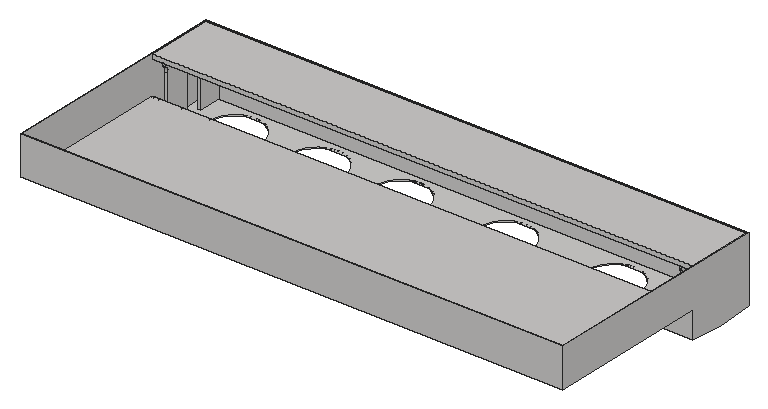
Revit family "PF_ST_RainTrak-E_ACO_2022", category Plumbing Fixtures, Revit 2022 (continued)
Dimensions and locks
  aligned and locked: Extrusion 19 to cut or joined group 1 (Extrusion 1, Extrusion 2, Extrusion 3, Extrusion 4, Extrusion 5, Extrusion 6, Extrusion 7, Extrusion 8, Extrusion 9, Extrusion 10, Extrusion 11, Extrusion 12, Extrusion 13, Extrusion 14, Extrusion 15, Extrusion 16, Extrusion 17, Extrusion 18, Extrusion 19, Extrusion 20, Extrusion 21, Extrusion 22, Extrusion 23, Extrusion 24, Extrusion 25, Extrusion 26, Extrusion 27, Extrusion 28, Extrusion 29, Extrusion 30, Extrusion 31, Extrusion 32, Extrusion 33)
  aligned and locked: Extrusion 20 to cut or joined group 1
  aligned and locked: Extrusion 21 to cut or joined group 1
  aligned and locked: Extrusion 22 to cut or joined group 1
  aligned and locked: Extrusion 24 to cut or joined group 1
  aligned and locked: Extrusion 25 to cut or joined group 1
  aligned and locked: Extrusion 26 to cut or joined group 1
  aligned and locked: Extrusion 27 to cut or joined group 1
  aligned and locked: Extrusion 28 to cut or joined group 1
  aligned and locked: Extrusion 29 to cut or joined group 1
  aligned and locked: Extrusion 30 to cut or joined group 1
  aligned and locked: Extrusion 31 to cut or joined group 1
  aligned and locked: Extrusion 32 to cut or joined group 1
  aligned and locked: Extrusion 33 to cut or joined group 1
  aligned and locked: Extrusion 23 to cut or joined group 1
  aligned and locked: Extrusion 10 to plane 6 "connector_plane"
  aligned and locked: Extrusion 5 to plane 6 "connector_plane"
  aligned and locked: Extrusion 11 to plane 6 "connector_plane"
  aligned and locked: Extrusion 12 to plane 6 "connector_plane"
  aligned and locked: Extrusion 13 to plane 6 "connector_plane"
  aligned and locked: Extrusion 14 to plane 6 "connector_plane"
  aligned and locked: Extrusion 15 to plane 6 "connector_plane"
  aligned and locked: Extrusion 6 to plane 6 "connector_plane"
  aligned and locked: Extrusion 16 to plane 6 "connector_plane"
  aligned and locked: Extrusion 17 to plane 6 "connector_plane"
  aligned and locked: Extrusion 18 to plane 6 "connector_plane"
  aligned and locked: Extrusion 19 to plane 6 "connector_plane"
  aligned and locked: Extrusion 20 to plane 6 "connector_plane"
  aligned and locked: Extrusion 21 to plane 6 "connector_plane"
  aligned and locked: Extrusion 22 to plane 6 "connector_plane"
  aligned and locked: Extrusion 23 to plane 6 "connector_plane"
  aligned and locked: Extrusion 24 to plane 6 "connector_plane"
  aligned and locked: Extrusion 25 to plane 6 "connector_plane"
  aligned and locked: Extrusion 26 to plane 6 "connector_plane"
  aligned and locked: Extrusion 27 to plane 6 "connector_plane"
  aligned and locked: Extrusion 28 to plane 6 "connector_plane"
  aligned and locked: Extrusion 29 to plane 6 "connector_plane"
  aligned and locked: Extrusion 30 to plane 6 "connector_plane"
  aligned and locked: Extrusion 31 to plane 6 "connector_plane"
  aligned and locked: Extrusion 32 to plane 6 "connector_plane"
  aligned and locked: Extrusion 33 to plane 6 "connector_plane"
  aligned and locked: Extrusion 7 to plane 6 "connector_plane"
  aligned and locked: Extrusion 9 to plane 6 "connector_plane"
  aligned and locked: Extrusion 34 to Extrusion 1
  aligned and locked: Extrusion 34 to Extrusion 2  (x2)
  aligned and locked: Extrusion 2 to Extrusion 34
  aligned and locked: Extrusion 34 to cut or joined group 1
  aligned and locked: Extrusion 34 sketch curve to cut or joined group 1
  aligned and locked: Extrusion 34 to plane 3 "Center (Left/Right)"
Automatic sketch dimensions
  Extrusion 3 sketch curve to plane 5 = 0 mm
  Extrusion 3 sketch curve to plane 1 "Center (Front/Back)" = 0 mm
  Extrusion 3 sketch curve to plane 4 = 0 mm
  Extrusion 3 sketch curve to plane 5 = 300 mm
  Extrusion 3 sketch curve to level = 70 mm
  plane 6 "connector_plane" to Extrusion 3 sketch curve = 5.3 mm
  plane 6 "connector_plane" to Extrusion 3 sketch curve = 5.145 mm
  plane 6 "connector_plane" to Extrusion 3 sketch curve = 1.207 mm
  Extrusion 4 sketch curve to plane 5 = 0 mm
  Extrusion 4 sketch curve to plane 1 "Center (Front/Back)" = 0 mm
  Extrusion 4 sketch curve to plane 4 = 0 mm
  Extrusion 4 sketch curve to plane 5 = 300 mm
  plane 6 "connector_plane" to Extrusion 4 sketch curve = 5.3 mm
  plane 6 "connector_plane" to Extrusion 4 sketch curve = 5.145 mm
  plane 6 "connector_plane" to Extrusion 4 sketch curve = 1.207 mm
  Extrusion 34 sketch curve to plane 3 "Center (Left/Right)" = 0 mm
  plane 7 to Extrusion 34 sketch curve = 0 mm
  Extrusion 34 sketch curve to plane 4 = 2 mm
  Extrusion 1 sketch curve to plane 1 "Center (Front/Back)" = 0.121 mm
  Extrusion 2 sketch curve to plane 1 "Center (Front/Back)" = 0 mm  (x2)
  Extrusion 2 sketch curve to Extrusion 2 sketch curve = 2 mm
  Extrusion 2 sketch curve to plane 4 = 2 mm
  Extrusion 2 sketch curve to Extrusion 2 sketch curve = 1.207 mm
  plane 6 "connector_plane" to Extrusion 2 sketch curve = 4.148 mm
  Extrusion 2 sketch curve to plane 9 = 1.5 mm
  curve 1 to plane 6 "connector_plane" = 0 mm
  curve 30 to plane 6 "connector_plane" = 0 mm
  curve 2 to plane 6 "connector_plane" = 0 mm
  curve 29 to plane 6 "connector_plane" = 0 mm
  curve 3 to plane 6 "connector_plane" = 0 mm
  curve 28 to plane 6 "connector_plane" = 0 mm
  curve 4 to plane 6 "connector_plane" = 0 mm
  curve 27 to plane 6 "connector_plane" = 0 mm
  curve 5 to plane 6 "connector_plane" = 0 mm
  curve 26 to plane 6 "connector_plane" = 0 mm
  curve 6 to plane 6 "connector_plane" = 0 mm
  curve 25 to plane 6 "connector_plane" = 0 mm
  curve 7 to plane 6 "connector_plane" = 0 mm
  curve 24 to plane 6 "connector_plane" = 0 mm
  curve 8 to plane 6 "connector_plane" = 0 mm
  curve 23 to plane 6 "connector_plane" = 0 mm
  curve 9 to plane 6 "connector_plane" = 0 mm
  curve 22 to plane 6 "connector_plane" = 0 mm
  curve 10 to plane 6 "connector_plane" = 0 mm
  curve 21 to plane 6 "connector_plane" = 0 mm
  curve 11 to plane 6 "connector_plane" = 0 mm
  curve 20 to plane 6 "connector_plane" = 0 mm
  curve 12 to plane 6 "connector_plane" = 0 mm
  curve 19 to plane 6 "connector_plane" = 0 mm
  curve 13 to plane 6 "connector_plane" = 0 mm
  curve 18 to plane 6 "connector_plane" = 0 mm
  curve 14 to plane 6 "connector_plane" = 0 mm
  curve 17 to plane 6 "connector_plane" = 0 mm
  curve 15 to plane 6 "connector_plane" = 0 mm
  curve 16 to plane 6 "connector_plane" = 0 mm
  plane 6 "connector_plane" to curve 15 = 15 mm
  curve 16 to curve 15 = 0 mm
  curve 14 to curve 15 = 0 mm
  curve 17 to curve 14 = 0 mm
  curve 13 to curve 14 = 0 mm
  curve 18 to curve 13 = 0 mm
  curve 12 to curve 13 = 0 mm
  curve 19 to curve 12 = 0 mm
  curve 11 to curve 12 = 0 mm
  curve 20 to curve 11 = 0 mm
  curve 10 to curve 11 = 0 mm
  curve 21 to curve 10 = 0 mm
  curve 9 to curve 10 = 0 mm
  curve 22 to curve 9 = 0 mm
  curve 8 to curve 9 = 0 mm
  curve 23 to curve 8 = 0 mm
  curve 7 to curve 8 = 0 mm
  curve 24 to curve 7 = 0 mm
  curve 6 to curve 7 = 0 mm
  curve 25 to curve 6 = 0 mm
  plane 6 "connector_plane" to curve 5 = 15 mm
  curve 26 to curve 6 = 0 mm
  plane 6 "connector_plane" to curve 4 = 15 mm
  curve 27 to curve 6 = 0 mm
  plane 6 "connector_plane" to curve 3 = 15 mm
  curve 28 to curve 6 = 0 mm
  plane 6 "connector_plane" to curve 2 = 15 mm
  curve 29 to curve 6 = 0 mm
  plane 6 "connector_plane" to curve 1 = 15 mm
  curve 30 to curve 6 = 0 mm
  plane 1 "Center (Front/Back)" to Extrusion 5 sketch curve = 0 mm
  plane 1 "Center (Front/Back)" to Extrusion 6 sketch curve = 0 mm
  plane 1 "Center (Front/Back)" to Extrusion 7 sketch curve = 0 mm
  plane 1 "Center (Front/Back)" to Extrusion 8 sketch curve = 0 mm
  plane 1 "Center (Front/Back)" to Extrusion 9 sketch curve = 0 mm
  plane 1 "Center (Front/Back)" to Extrusion 10 sketch curve = 0 mm
  plane 1 "Center (Front/Back)" to Extrusion 11 sketch curve = 0 mm
  plane 1 "Center (Front/Back)" to Extrusion 12 sketch curve = 0 mm
  plane 1 "Center (Front/Back)" to Extrusion 13 sketch curve = 0 mm
  plane 1 "Center (Front/Back)" to Extrusion 14 sketch curve = 0 mm
  plane 1 "Center (Front/Back)" to Extrusion 15 sketch curve = 0 mm
  plane 1 "Center (Front/Back)" to Extrusion 16 sketch curve = 0 mm
  plane 1 "Center (Front/Back)" to Extrusion 17 sketch curve = 0 mm
  plane 1 "Center (Front/Back)" to Extrusion 18 sketch curve = 0 mm
  plane 1 "Center (Front/Back)" to Extrusion 19 sketch curve = 0 mm
  plane 1 "Center (Front/Back)" to Extrusion 20 sketch curve = 0 mm
  plane 1 "Center (Front/Back)" to Extrusion 21 sketch curve = 0 mm
  plane 1 "Center (Front/Back)" to Extrusion 22 sketch curve = 0 mm
  plane 1 "Center (Front/Back)" to Extrusion 23 sketch curve = 0 mm
  plane 1 "Center (Front/Back)" to Extrusion 24 sketch curve = 0 mm
  plane 1 "Center (Front/Back)" to Extrusion 25 sketch curve = 0 mm
  plane 1 "Center (Front/Back)" to Extrusion 26 sketch curve = 0 mm
  plane 1 "Center (Front/Back)" to Extrusion 27 sketch curve = 0 mm
  plane 1 "Center (Front/Back)" to Extrusion 28 sketch curve = 0 mm
  plane 1 "Center (Front/Back)" to Extrusion 29 sketch curve = 0 mm
  plane 1 "Center (Front/Back)" to Extrusion 30 sketch curve = 0 mm
  plane 1 "Center (Front/Back)" to Extrusion 31 sketch curve = 0 mm
  plane 1 "Center (Front/Back)" to Extrusion 32 sketch curve = 0 mm
  plane 1 "Center (Front/Back)" to Extrusion 33 sketch curve = 0 mm
Nested families
  nested 1: "gratings_RainTrak E" at (1.5, 0, 0), depth_C_ANZRS <- "depth_01_C_ANZRS", length_C_ANZRS <- "grating_length", width_C_ANZRS <- "width_C_ANZRS", grating_index <- "grating_index", type_index <- "type_index", type <- "gratings", type "Affiner_grating"
    with width_C_ANZRS 123 mm, type_index 3, solids_visible_1 yes, length_C_ANZRS 997 mm, grating_index 2, depth_C_ANZRS 125.3 mm
Connectors
  piping at (101.6, 0, -125.3), diameter 101.6, driven by "diameter_calculated"
    settings: on curve 1, index 1, connector inside diameter 609.6 mm, connector length 0 mm, flow factor 0, pipe flow 0.0 L/s, pressure drop 0.0 Pa, fitting loss kfactor 0, connector angle 0.00°, fixture units 0, engagement length 0 mm, angle of deflection 0.00°, flow configuration 0, flow direction 2, fitting loss method 0, system type 16, joint type 0, gender type 0, connector reference index -1, connector utility 0, adjustable connector no, is connector primary yes, connector description ""
  piping at (254, 0, -125.3), diameter 101.6, driven by "diameter_calculated"
    settings: on curve 3, index 2, connector inside diameter 609.6 mm, connector length 0 mm, flow factor 0, pipe flow 0.0 L/s, pressure drop 0.0 Pa, fitting loss kfactor 0, connector angle 0.00°, fixture units 0, engagement length 0 mm, angle of deflection 0.00°, flow configuration 0, flow direction 2, fitting loss method 0, system type 16, joint type 0, gender type 0, connector reference index -1, connector utility 0, adjustable connector no, is connector primary no, connector description ""
  piping at (406.4, 0, -125.3), diameter 101.6, driven by "diameter_calculated"
    settings: on curve 2, index 3, connector inside diameter 609.6 mm, connector length 0 mm, flow factor 0, pipe flow 0.0 L/s, pressure drop 0.0 Pa, fitting loss kfactor 0, connector angle 0.00°, fixture units 0, engagement length 0 mm, angle of deflection 0.00°, flow configuration 0, flow direction 2, fitting loss method 0, system type 16, joint type 0, gender type 0, connector reference index -1, connector utility 0, adjustable connector no, is connector primary no, connector description ""
  piping at (600, 0, -125.3), diameter 101.6, driven by "diameter_calculated"
    settings: on curve 4, index 4, connector inside diameter 609.6 mm, connector length 0 mm, flow factor 0, pipe flow 0.0 L/s, pressure drop 0.0 Pa, fitting loss kfactor 0, connector angle 0.00°, fixture units 0, engagement length 0 mm, angle of deflection 0.00°, flow configuration 0, flow direction 2, fitting loss method 0, system type 16, joint type 0, gender type 0, connector reference index -1, connector utility 0, adjustable connector no, is connector primary no, connector description ""
  piping at (800, 0, -125.3), diameter 101.6, driven by "diameter_calculated"
    settings: on curve 5, index 5, connector inside diameter 609.6 mm, connector length 0 mm, flow factor 0, pipe flow 0.0 L/s, pressure drop 0.0 Pa, fitting loss kfactor 0, connector angle 0.00°, fixture units 0, engagement length 0 mm, angle of deflection 0.00°, flow configuration 0, flow direction 2, fitting loss method 0, system type 16, joint type 0, gender type 0, connector reference index -1, connector utility 0, adjustable connector no, is connector primary no, connector description ""
  piping at (1100, 0, -125.3), diameter 101.6, driven by "diameter_calculated"
    settings: on curve 12, index 6, connector inside diameter 609.6 mm, connector length 0 mm, flow factor 0, pipe flow 0.0 L/s, pressure drop 0.0 Pa, fitting loss kfactor 0, connector angle 0.00°, fixture units 0, engagement length 0 mm, angle of deflection 0.00°, flow configuration 0, flow direction 2, fitting loss method 0, system type 16, joint type 0, gender type 0, connector reference index -1, connector utility 0, adjustable connector no, is connector primary no, connector description ""
  piping at (1100, 0, -125.3), diameter 101.6, driven by "diameter_calculated"
    settings: on curve 14, index 7, connector inside diameter 609.6 mm, connector length 0 mm, flow factor 0, pipe flow 0.0 L/s, pressure drop 0.0 Pa, fitting loss kfactor 0, connector angle 0.00°, fixture units 0, engagement length 0 mm, angle of deflection 0.00°, flow configuration 0, flow direction 2, fitting loss method 0, system type 16, joint type 0, gender type 0, connector reference index -1, connector utility 0, adjustable connector no, is connector primary no, connector description ""
  piping at (1100, 0, -125.3), diameter 101.6, driven by "diameter_calculated"
    settings: on curve 6, index 8, connector inside diameter 609.6 mm, connector length 0 mm, flow factor 0, pipe flow 0.0 L/s, pressure drop 0.0 Pa, fitting loss kfactor 0, connector angle 0.00°, fixture units 0, engagement length 0 mm, angle of deflection 0.00°, flow configuration 0, flow direction 2, fitting loss method 0, system type 16, joint type 0, gender type 0, connector reference index -1, connector utility 0, adjustable connector no, is connector primary no, connector description ""
  piping at (1100, 0, -125.3), diameter 101.6, driven by "diameter_calculated"
    settings: on curve 7, index 9, connector inside diameter 609.6 mm, connector length 0 mm, flow factor 0, pipe flow 0.0 L/s, pressure drop 0.0 Pa, fitting loss kfactor 0, connector angle 0.00°, fixture units 0, engagement length 0 mm, angle of deflection 0.00°, flow configuration 0, flow direction 2, fitting loss method 0, system type 16, joint type 0, gender type 0, connector reference index -1, connector utility 0, adjustable connector no, is connector primary no, connector description ""
  piping at (1100, 0, -125.3), diameter 101.6, driven by "diameter_calculated"
    settings: on curve 16, index 10, connector inside diameter 609.6 mm, connector length 0 mm, flow factor 0, pipe flow 0.0 L/s, pressure drop 0.0 Pa, fitting loss kfactor 0, connector angle 0.00°, fixture units 0, engagement length 0 mm, angle of deflection 0.00°, flow configuration 0, flow direction 2, fitting loss method 0, system type 16, joint type 0, gender type 0, connector reference index -1, connector utility 0, adjustable connector no, is connector primary no, connector description ""
  piping at (1100, 0, -125.3), diameter 101.6, driven by "diameter_calculated"
    settings: on curve 17, index 11, connector inside diameter 609.6 mm, connector length 0 mm, flow factor 0, pipe flow 0.0 L/s, pressure drop 0.0 Pa, fitting loss kfactor 0, connector angle 0.00°, fixture units 0, engagement length 0 mm, angle of deflection 0.00°, flow configuration 0, flow direction 2, fitting loss method 0, system type 16, joint type 0, gender type 0, connector reference index -1, connector utility 0, adjustable connector no, is connector primary no, connector description ""
  piping at (1100, 0, -125.3), diameter 101.6, driven by "diameter_calculated"
    settings: on curve 8, index 12, connector inside diameter 609.6 mm, connector length 0 mm, flow factor 0, pipe flow 0.0 L/s, pressure drop 0.0 Pa, fitting loss kfactor 0, connector angle 0.00°, fixture units 0, engagement length 0 mm, angle of deflection 0.00°, flow configuration 0, flow direction 2, fitting loss method 0, system type 16, joint type 0, gender type 0, connector reference index -1, connector utility 0, adjustable connector no, is connector primary no, connector description ""
  piping at (1100, 0, -125.3), diameter 101.6, driven by "diameter_calculated"
    settings: on curve 9, index 13, connector inside diameter 609.6 mm, connector length 0 mm, flow factor 0, pipe flow 0.0 L/s, pressure drop 0.0 Pa, fitting loss kfactor 0, connector angle 0.00°, fixture units 0, engagement length 0 mm, angle of deflection 0.00°, flow configuration 0, flow direction 2, fitting loss method 0, system type 16, joint type 0, gender type 0, connector reference index -1, connector utility 0, adjustable connector no, is connector primary no, connector description ""
  piping at (1100, 0, -125.3), diameter 101.6, driven by "diameter_calculated"
    settings: on curve 20, index 14, connector inside diameter 609.6 mm, connector length 0 mm, flow factor 0, pipe flow 0.0 L/s, pressure drop 0.0 Pa, fitting loss kfactor 0, connector angle 0.00°, fixture units 0, engagement length 0 mm, angle of deflection 0.00°, flow configuration 0, flow direction 2, fitting loss method 0, system type 16, joint type 0, gender type 0, connector reference index -1, connector utility 0, adjustable connector no, is connector primary no, connector description ""
  piping at (1100, 0, -125.3), diameter 101.6, driven by "diameter_calculated"
    settings: on curve 18, index 15, connector inside diameter 609.6 mm, connector length 0 mm, flow factor 0, pipe flow 0.0 L/s, pressure drop 0.0 Pa, fitting loss kfactor 0, connector angle 0.00°, fixture units 0, engagement length 0 mm, angle of deflection 0.00°, flow configuration 0, flow direction 2, fitting loss method 0, system type 16, joint type 0, gender type 0, connector reference index -1, connector utility 0, adjustable connector no, is connector primary no, connector description ""
  piping at (1100, 0, -125.3), diameter 101.6, driven by "diameter_calculated"
    settings: on curve 19, index 16, connector inside diameter 609.6 mm, connector length 0 mm, flow factor 0, pipe flow 0.0 L/s, pressure drop 0.0 Pa, fitting loss kfactor 0, connector angle 0.00°, fixture units 0, engagement length 0 mm, angle of deflection 0.00°, flow configuration 0, flow direction 2, fitting loss method 0, system type 16, joint type 0, gender type 0, connector reference index -1, connector utility 0, adjustable connector no, is connector primary no, connector description ""
  piping at (1100, 0, -125.3), diameter 101.6, driven by "diameter_calculated"
    settings: on curve 10, index 17, connector inside diameter 609.6 mm, connector length 0 mm, flow factor 0, pipe flow 0.0 L/s, pressure drop 0.0 Pa, fitting loss kfactor 0, connector angle 0.00°, fixture units 0, engagement length 0 mm, angle of deflection 0.00°, flow configuration 0, flow direction 2, fitting loss method 0, system type 16, joint type 0, gender type 0, connector reference index -1, connector utility 0, adjustable connector no, is connector primary no, connector description ""
  piping at (1100, 0, -125.3), diameter 101.6, driven by "diameter_calculated"
    settings: on curve 11, index 18, connector inside diameter 609.6 mm, connector length 0 mm, flow factor 0, pipe flow 0.0 L/s, pressure drop 0.0 Pa, fitting loss kfactor 0, connector angle 0.00°, fixture units 0, engagement length 0 mm, angle of deflection 0.00°, flow configuration 0, flow direction 2, fitting loss method 0, system type 16, joint type 0, gender type 0, connector reference index -1, connector utility 0, adjustable connector no, is connector primary no, connector description ""
  piping at (1100, 0, -125.3), diameter 101.6, driven by "diameter_calculated"
    settings: on curve 15, index 19, connector inside diameter 609.6 mm, connector length 0 mm, flow factor 0, pipe flow 0.0 L/s, pressure drop 0.0 Pa, fitting loss kfactor 0, connector angle 0.00°, fixture units 0, engagement length 0 mm, angle of deflection 0.00°, flow configuration 0, flow direction 2, fitting loss method 0, system type 16, joint type 0, gender type 0, connector reference index -1, connector utility 0, adjustable connector no, is connector primary no, connector description ""
  piping at (1100, 0, -125.3), diameter 101.6, driven by "diameter_calculated"
    settings: on curve 21, index 20, connector inside diameter 609.6 mm, connector length 0 mm, flow factor 0, pipe flow 0.0 L/s, pressure drop 0.0 Pa, fitting loss kfactor 0, connector angle 0.00°, fixture units 0, engagement length 0 mm, angle of deflection 0.00°, flow configuration 0, flow direction 2, fitting loss method 0, system type 16, joint type 0, gender type 0, connector reference index -1, connector utility 0, adjustable connector no, is connector primary no, connector description ""
  piping at (1100, 0, -125.3), diameter 101.6, driven by "diameter_calculated"
    settings: on curve 13, index 21, connector inside diameter 609.6 mm, connector length 0 mm, flow factor 0, pipe flow 0.0 L/s, pressure drop 0.0 Pa, fitting loss kfactor 0, connector angle 0.00°, fixture units 0, engagement length 0 mm, angle of deflection 0.00°, flow configuration 0, flow direction 2, fitting loss method 0, system type 16, joint type 0, gender type 0, connector reference index -1, connector utility 0, adjustable connector no, is connector primary no, connector description ""
  piping at (1100, 0, -125.3), diameter 101.6, driven by "diameter_calculated"
    settings: on curve 22, index 22, connector inside diameter 609.6 mm, connector length 0 mm, flow factor 0, pipe flow 0.0 L/s, pressure drop 0.0 Pa, fitting loss kfactor 0, connector angle 0.00°, fixture units 0, engagement length 0 mm, angle of deflection 0.00°, flow configuration 0, flow direction 2, fitting loss method 0, system type 16, joint type 0, gender type 0, connector reference index -1, connector utility 0, adjustable connector no, is connector primary no, connector description ""
  piping at (1100, 0, -125.3), diameter 101.6, driven by "diameter_calculated"
    settings: on curve 23, index 23, connector inside diameter 609.6 mm, connector length 0 mm, flow factor 0, pipe flow 0.0 L/s, pressure drop 0.0 Pa, fitting loss kfactor 0, connector angle 0.00°, fixture units 0, engagement length 0 mm, angle of deflection 0.00°, flow configuration 0, flow direction 2, fitting loss method 0, system type 16, joint type 0, gender type 0, connector reference index -1, connector utility 0, adjustable connector no, is connector primary no, connector description ""
  piping at (1100, 0, -125.3), diameter 101.6, driven by "diameter_calculated"
    settings: on curve 24, index 24, connector inside diameter 609.6 mm, connector length 0 mm, flow factor 0, pipe flow 0.0 L/s, pressure drop 0.0 Pa, fitting loss kfactor 0, connector angle 0.00°, fixture units 0, engagement length 0 mm, angle of deflection 0.00°, flow configuration 0, flow direction 2, fitting loss method 0, system type 16, joint type 0, gender type 0, connector reference index -1, connector utility 0, adjustable connector no, is connector primary no, connector description ""
  piping at (1100, 0, -125.3), diameter 101.6, driven by "diameter_calculated"
    settings: on curve 25, index 25, connector inside diameter 609.6 mm, connector length 0 mm, flow factor 0, pipe flow 0.0 L/s, pressure drop 0.0 Pa, fitting loss kfactor 0, connector angle 0.00°, fixture units 0, engagement length 0 mm, angle of deflection 0.00°, flow configuration 0, flow direction 2, fitting loss method 0, system type 16, joint type 0, gender type 0, connector reference index -1, connector utility 0, adjustable connector no, is connector primary no, connector description ""
  piping at (1100, 0, -125.3), diameter 101.6, driven by "diameter_calculated"
    settings: on curve 26, index 26, connector inside diameter 609.6 mm, connector length 0 mm, flow factor 0, pipe flow 0.0 L/s, pressure drop 0.0 Pa, fitting loss kfactor 0, connector angle 0.00°, fixture units 0, engagement length 0 mm, angle of deflection 0.00°, flow configuration 0, flow direction 2, fitting loss method 0, system type 16, joint type 0, gender type 0, connector reference index -1, connector utility 0, adjustable connector no, is connector primary no, connector description ""
  piping at (1100, 0, -125.3), diameter 101.6, driven by "diameter_calculated"
    settings: on curve 27, index 27, connector inside diameter 609.6 mm, connector length 0 mm, flow factor 0, pipe flow 0.0 L/s, pressure drop 0.0 Pa, fitting loss kfactor 0, connector angle 0.00°, fixture units 0, engagement length 0 mm, angle of deflection 0.00°, flow configuration 0, flow direction 2, fitting loss method 0, system type 16, joint type 0, gender type 0, connector reference index -1, connector utility 0, adjustable connector no, is connector primary no, connector description ""
  piping at (1100, 0, -125.3), diameter 101.6, driven by "diameter_calculated"
    settings: on curve 28, index 28, connector inside diameter 609.6 mm, connector length 0 mm, flow factor 0, pipe flow 0.0 L/s, pressure drop 0.0 Pa, fitting loss kfactor 0, connector angle 0.00°, fixture units 0, engagement length 0 mm, angle of deflection 0.00°, flow configuration 0, flow direction 2, fitting loss method 0, system type 16, joint type 0, gender type 0, connector reference index -1, connector utility 0, adjustable connector no, is connector primary no, connector description ""
  piping at (1100, 0, -125.3), diameter 101.6, driven by "diameter_calculated"
    settings: on curve 29, index 29, connector inside diameter 609.6 mm, connector length 0 mm, flow factor 0, pipe flow 0.0 L/s, pressure drop 0.0 Pa, fitting loss kfactor 0, connector angle 0.00°, fixture units 0, engagement length 0 mm, angle of deflection 0.00°, flow configuration 0, flow direction 2, fitting loss method 0, system type 16, joint type 0, gender type 0, connector reference index -1, connector utility 0, adjustable connector no, is connector primary no, connector description ""
  piping at (1100, 0, -125.3), diameter 101.6, driven by "diameter_calculated"
    settings: on curve 30, index 30, connector inside diameter 609.6 mm, connector length 0 mm, flow factor 0, pipe flow 0.0 L/s, pressure drop 0.0 Pa, fitting loss kfactor 0, connector angle 0.00°, fixture units 0, engagement length 0 mm, angle of deflection 0.00°, flow configuration 0, flow direction 2, fitting loss method 0, system type 16, joint type 0, gender type 0, connector reference index -1, connector utility 0, adjustable connector no, is connector primary no, connector description ""
Definition of nested family "gratings_RainTrak E"
  Parameters (values of type "Affiner_grating")
    width_C_ANZRS [instance] = 123 mm
    type_index [instance] = 1
    solids_visible_1 [instance] = not(grating_index = 3)  # yes
    length_C_ANZRS [instance] = 1180 mm
    grating_index [instance] = 2
    depth_C_ANZRS [instance] = 40 mm
    Type Comments = "Do not add in BOM"  # constant formula
    Model = "RainTrak"  # constant formula
    Manufacturer = "ACO"  # constant formula
    Default Elevation = 0 mm
  Types (2, lengths in mm): name | grating_index
    Affiner_grating | 2
    Linéaire_grating | 1
  Reference planes
    plane 1 "Center (Front/Back)": y = 0
    plane 2: z = 0
    plane 3 "Center (Left/Right)": x = 0
  Dimensions and locks
    aligned and locked: level to plane 2
    aligned and locked: plane 1 "Center (Front/Back)" to nested 1
    aligned and locked: plane 3 "Center (Left/Right)" to nested 1
  Nested families
    nested 1: "ZZZ_do not use_PF_ST_gratings for RainTrak E_ACO" at (0, 0, 0), depth_C_ANZRS <- "depth_C_ANZRS", length_C_ANZRS <- "length_C_ANZRS", width_C_ANZRS <- "width_C_ANZRS", grating_index <- "grating_index", type_index <- "type_index", type "std(nested)"
      with width_C_ANZRS 123 mm, type_index 1, solids_visible yes, product_index 2, net_mass_S_ANZRS 0.00 kg, material_C_ANZRS none, length_C_ANZRS 1180 mm, grating_index 2, description_C_ANZRS "Gratings for RainTrak", desc_uk "Gratings for RainTrak", depth_C_ANZRS 40 mm, depth_01_C_ANZRS 34.7 mm, code_gtin_C_ANZRS "-", code_article_C_ANZRS "-"
  Definition of nested family "ZZZ_do not use_PF_ST_gratings for RainTrak E_ACO"
    Parameters (values of type "std(nested)")
      width_C_ANZRS [instance] = 75 mm
      type_index [instance] = 1
      solids_visible [instance] = yes
      region_index = 1  # constant formula
      product_index [instance] = size_lookup(lookup_table_name, "pi", 0, type_index, grating_index)  # 1
      product_assortment_C_ANZRS = "RainTrak"  # constant formula
      net_mass_S_ANZRS [instance] = 0.00 kg
      material_C_ANZRS [instance] = none
      lookup_table_name = "RainTrak E"  # constant formula
      length_C_ANZRS [instance] = 1180 mm
      intended_use_C_ANZRS = if(region_index = 1, "Drainage systems", if(region_index = 2, "Entwässerungssysteme", if(region_index = 3, "Afvoersystemen", "0")))  # "Drainage systems"
      instructions_for_use = "www.acobuildline.com.au/product-support/downloads"
      installation_manual = "www.acobuildline.com.au/product-support/downloads"
      info_technical_C_ANZRS = "www.acobuildline.com.au/products/raintrak/"
      info_commercial_C_ANZRS = "www.acobuildline.com.au/product-support/downloads"
      grating_index [instance] = 1
      e-mail sales = "sales@acoaus.com.au"
      e-mail Technical = "sales@acoaus.com.au"
      diameter_C_ANZRS = 44 mm  # constant formula
      diameter_01_C_ANZRS = 35.4 mm  # constant formula
      description_C_ANZRS [instance] = if(region_index = 1, desc_uk, if(region_index = 2, desc_ge, if(region_index = 3, desc_nl, "0")))  # "Gratings for RainTrak"
      desc_uk [instance] = "Gratings for RainTrak"  # constant formula
      desc_nl = "-"  # constant formula
      desc_ge = "-"  # constant formula
      depth_C_ANZRS [instance] = 100 mm
      depth_01_C_ANZRS [instance] = depth_C_ANZRS - 5.3 mm  # 94.7 mm
      content_version_C_ANZRS = "1.0"  # constant formula
      content_creator_C_ANZRS = "ACO Technology Centre, INDIA"  # constant formula
      code_specification_URL_C_ANZRS = ""
      code_gtin_C_ANZRS [instance] = "-"  # constant formula
      code_article_C_ANZRS [instance] = "-"  # constant formula
      URL = "www.acobuildline.com.au"
      Telephone = " +61 2 4747 4000"  # constant formula
      Model = "RainTrak"  # constant formula
      Manufacturer = "ACO Pty Ltd"  # constant formula
      IfcExportType = "RECTANGULAR"  # constant formula
      IfcExportAs = "IfcGridType"  # constant formula
      IfcDescription = Description  # "Threshold door drainage"
      Fax = " +61 2 4747 4040"  # constant formula
      Description = "Threshold door drainage"  # constant formula
      Default Elevation = 0 mm
      Address = "134-140 Old Bathurst Road, Emu Plains, NSW 2750, Australia"  # constant formula
    Reference planes
      plane 1 "Center (Front/Back)": y = 0
      plane 2: z = 0
      plane 3 "Center (Left/Right)": x = 0
      plane 4: z = -9
    Forms (mm)
      Extrusion 1, solid, material <- "material_C_ANZRS", visible <- "solids_visible"
        sketch origin (0, 0, 0) x (1, 0, 0) y (0, 1, 0)
          loop
            line (0, 37.5) -> (0, -37.5) -> (1180, -37.5) -> (1180, 37.5) -> (0, 37.5)
        from 0 to -9
      Extrusion 2, solid, material <- "material_C_ANZRS", visible <- "solids_visible"
        sketch origin (1180, 24, 0.2) x (0, 1, 0) y (0, 0, -1)
          loop
            line (-61.5, 9.2) -> (13.5, 9.2) -> (13.5, 94.9) -> (-4.484, 94.9) -> (-4.484, 21.208)
            arc (-4.484, 21.208) -> (-20.89, 13.866) -> (-37.295, 21.208) r 22
            line (-37.295, 21.208) -> (-37.295, 94.9) -> (-56.725, 94.9) -> (-56.725, 25.793)
            arc (-56.725, 25.793) -> (-57.962, 19.292) -> (-61.5, 13.7) r 17.7
            line (-61.5, 13.7) -> (-61.5, 9.2)
        from 20.473 to 25.584
      Extrusion 3, solid, material <- "material_C_ANZRS", visible <- "solids_visible"
        sketch origin (45.584, 24, 0.2) x (0, 1, 0) y (0, 0, -1)
          loop
            line (-61.5, 9.2) -> (13.5, 9.2) -> (13.5, 94.9) -> (-4.484, 94.9) -> (-4.484, 21.208)
            arc (-4.484, 21.208) -> (-20.89, 13.866) -> (-37.295, 21.208) r 22
            line (-37.295, 21.208) -> (-37.295, 94.9) -> (-56.725, 94.9) -> (-56.725, 25.793)
            arc (-56.725, 25.793) -> (-57.962, 19.292) -> (-61.5, 13.7) r 17.7
            line (-61.5, 13.7) -> (-61.5, 9.2)
        from 20.473 to 25.584
    Dimensions and locks
      equal spacing: Extrusion 1 sketch curve, plane 1 "Center (Front/Back)", Extrusion 1 sketch curve
      "width_C_ANZRS": Extrusion 1 sketch curve to Extrusion 1 sketch curve
      "length_C_ANZRS": Extrusion 1 sketch curve to Extrusion 1 sketch curve
      locked: Extrusion 2 to Extrusion 2 at 5.111
      locked: Extrusion 1 to Extrusion 2 at 20.473
      locked: Extrusion 3 to Extrusion 3 at 5.111
      locked: Extrusion 3 to plane 3 "Center (Left/Right)" at 20
      locked: level to plane 4 at 9
      "depth_01_C_ANZRS": level to Extrusion 3 sketch curve
      locked: Extrusion 3 sketch curve to plane 4 at 4.666
      locked: Extrusion 3 sketch curve to Extrusion 1 at 26.666
      locked: Extrusion 3 sketch curve to plane 1 "Center (Front/Back)" at 3.11
      locked: level to Extrusion 3 at 13.666
      locked: Extrusion 2 sketch curve to plane 4 at 26.666
      locked: Extrusion 3 to plane 4 at 4.666
      locked: Extrusion 3 sketch curve to Extrusion 3 sketch curve at 32.812
      locked: Extrusion 2 sketch curve to Extrusion 2 sketch curve at 32.812
      "depth_01_C_ANZRS": level to Extrusion 2 sketch curve
      "diameter_01_C_ANZRS": diameter of Extrusion 3 sketch curve
      "diameter_01_C_ANZRS": diameter of Extrusion 3
      "diameter_C_ANZRS": diameter of Extrusion 2 sketch curve
      "diameter_01_C_ANZRS": diameter of Extrusion 2 sketch curve
      aligned and locked: level to plane 2
      aligned and locked: plane 3 "Center (Left/Right)" to Extrusion 1 sketch curve
      aligned and locked: level to Extrusion 1
      aligned and locked: Extrusion 2 sketch curve to Extrusion 2 sketch curve
      aligned and locked: Extrusion 2 sketch curve to Extrusion 1  (x2)
      aligned and locked: Extrusion 3 sketch curve to Extrusion 3 sketch curve
      aligned and locked: Extrusion 3 sketch curve to Extrusion 1  (x2)
      aligned and locked: plane 4 to Extrusion 1
      aligned and locked: Extrusion 3 sketch curve to plane 4
    Automatic sketch dimensions
      plane 4 to Extrusion 2 sketch curve = 0 mm
      Extrusion 2 sketch curve to Extrusion 2 sketch curve = 12.925 mm
      plane 1 "Center (Front/Back)" to Extrusion 2 sketch curve = 13.295 mm
      Extrusion 2 sketch curve to plane 1 "Center (Front/Back)" = 3.11 mm
      Extrusion 2 sketch curve to Extrusion 2 sketch curve = 4.5 mm
      Extrusion 3 sketch curve to Extrusion 3 sketch curve = 12.925 mm
      plane 1 "Center (Front/Back)" to Extrusion 3 sketch curve = 13.295 mm
      Extrusion 3 sketch curve to Extrusion 3 sketch curve = 4.5 mm
Types (3, lengths in mm): name | width_C_ANZRS | type_index | sill_depth01 | sill_depth | product_index | outlet_dia | min_end_dist | drain_position_calculated_3 | drain_position_calculated_2 | drain_position_calculated_1 | diameter_calculated | D1_calculated | D2_calculated | D3_calculated | description_C_ANZRS | depth_calculated02 | depth_03_C_ANZRS | depth_01_C_ANZRS | code_article_C_ANZRS | channel_depth | sill_length | sill_length_calculated | Assembly Code
  RainTrak-E-75mm width | 75 | 1 | 40 | 50 | 2 | 50 | 949.2 | 400 | 200 | 50.8 | 50.8 | 50.8 | 50.8 | 50.8 | "ACO RainTrak-E 75mm wide with Affiner grate (nominal)" | 50 | 50 | 105.3 | "RTE75A" | 60 | 350 | 300 | 0
  RainTrak-E-100mm width | 100 | 2 | 40 | 50 | 4 | 78 | 911.1 | 400 | 222.25 | 88.9 | 88.9 | 63.5 | 88.9 | 88.9 | "ACO RainTrak-E 100mm wide with Affiner grate (nominal)" | 50 | 50 | 105.3 | "RTE100A" | 60 | 100 | 100 | 0
  RainTrak-E-123mm width | 123 | 3 | 65 | 70 | 6 | 150 | 898.4 | 406.4 | 254 | 101.6 | 101.6 | 63.5 | 88.9 | 101.6 | "ACO RainTrak-E 123mm wide with Affiner grate (nominal)" | 70 | 70 | 125.3 | "RTE123A" | 55 | 1000 | 300 | "D2040300"
